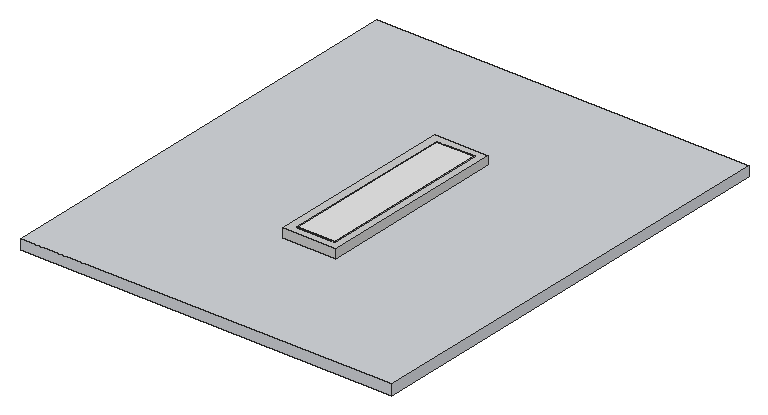
Revit family "Zumtobel CLEAN II", category Lighting Fixtures, host Face, Revit 2018
Family settings
  Host = Face
  Round Connector Dimension = Use Diameter
  Part Type = Normal
  OmniClass Number = 23.80.70.11
  OmniClass Title = Luminaries for Internal Lighting
  Cut with Voids When Loaded = No
  Light Source = Yes
  Shared = No
  Room Calculation Point = No
Parameters (values of type "CL2 S 8000-940 L1250 SG MP LDO")
  Width = 349.00 mm
  Wattage = 83.3333 W
  built-in parameter 1150110 = 1 (stored number, unit not read)
  Voltage = 230 V
  URL = "http://www.zumtobel.com/42186915"
  Type Comments = "© Zumtobel. We reserve the right to make technical changes without prior notice."  # constant formula
  built-in parameter 1114217 = 1 (stored number, unit not read)
  Top Offset = if(Recessed, 0.00 mm, Height)  # 57.00 mm
  Tilt Angle = 90.00°
  built-in parameter 1150109 = 1 (stored number, unit not read)
  built-in parameter 1150134 = 12
  Surface Mount = yes
  built-in parameter 1150113 = 1 (stored number, unit not read)
  Recessed = not(Surface Mount)  # no
  Photometric Web File = "42186915_(STD_LEO).IES"
  Offset = if(Recessed, 0.00 mm, 200.00 mm)  # 200.00 mm
  Model = "42186915"
  Manufacturer = "Zumtobel Lighting"  # constant formula
  built-in parameter 1150105 = 4057.6 (stored number, unit not read)
  Lumens = 8000 lm
  built-in parameter 1150115 = 1 (stored number, unit not read)
  built-in parameter 1150137 = (empty or 0)
  built-in parameter 1150139 = (empty or 0)
  Length = 1249.00 mm
  built-in parameter 1150112 = 1 (stored number, unit not read)
  built-in parameter 1150114 = 1 (stored number, unit not read)
  Lamp = "LED"
  built-in parameter 1150132 = 2
  built-in parameter 1150102 = (empty or 0)
  built-in parameter 1150107 = 4000 (stored number, unit not read)
  built-in parameter 1150138 = (empty or 0)
  built-in parameter 1150106 = 40.576 (stored number, unit not read)
  Height = 57.00 mm
  Emit from Rectangle Width = Length - 20.00 mm  # 1229.00 mm
  Emit from Rectangle Length = Width - 20.00 mm  # 329.00 mm
  Emit Shape Visible in Rendering = yes
  built-in parameter 1150104 = 8.9187 (stored number, unit not read)
  Dimming Lamp Color Temperature Shift = <None>
  Description = if(Surface Mount, "Surface mount luminaire", "Recessed Luminaire")  # "Surface mount luminaire"
  Cover = ZG_PMMA_Self_llumination_Opaque
  Color Filter = 16777215
  Body = ZGl_Metal_Aluminium
  built-in parameter 1114218 = 1 (stored number, unit not read)
  built-in parameter 1150133 = 10 (stored number, unit not read)
  Apparent Load = 79.9 VA
  Default Elevation = 0.00 mm
  Assembly Code = "D5020200"
Types (6, lengths in mm): name | Width | Wattage | URL | Top Offset | Surface Mount | Recessed | Photometric Web File | Offset | Model | built-in parameter 1150105 | Lumens | Length | built-in parameter 1150106 | Height | Emit from Rectangle Width | Emit from Rectangle Length | Description | Apparent Load
  CL2 I 4600-840 M600Q PM O LDO | 609.00 | 47.9167 W | "http://www.zumtobel.com/42186912" | 57.00 | yes | no | "42186912_(STD_LEO).IES" | 200.00 | "42186912" | 366.06 (stored number, unit not read) | 4600 lm | 609.00 | 3.6606 (stored number, unit not read) | 57.00 | 589.00 | 589.00 | "Surface mount luminaire" | 39.8 VA
  CL2 S 4600-940 Q610 SG MP LDO | 609.00 | 48.2292 W | "http://www.zumtobel.com/42186912" | 57.00 | yes | no | "42186880_(STD_LEO).IES" | 200.00 | "42186912" | 368.44 (stored number, unit not read) | 4630 lm | 609.00 | 3.6844 (stored number, unit not read) | 57.00 | 589.00 | 589.00 | "Surface mount luminaire" | 33.8 VA
  CL2 I 4600-840 M600L PM O LDO | 298.00 | 48.125 W | "http://www.zumtobel.com/42186884" | 0.00 | no | yes | "42186884_(STD_LEO).IES" | 0.00 | "42186884" | 1588.8 (stored number, unit not read) | 4620 lm | 1198.00 | 15.888 (stored number, unit not read) | 105.00 | 1178.00 | 278.00 | "Recessed Luminaire" | 35 VA
  CL2 S 6600-840 M625Q SG MP LDO | 623.00 | 68.125 W | "http://www.zumtobel.com/42186891" | 0.00 | no | yes | "42186891_(STD_LEO).IES" | 0.00 | "42186891" | 520.44 (stored number, unit not read) | 6540 lm | 623.00 | 5.2044 (stored number, unit not read) | 100.00 | 603.00 | 603.00 | "Recessed Luminaire" | 49.9 VA
  CL2 S 8000-940 L1250 SG MP LDO | 349.00 | 83.3333 W | "http://www.zumtobel.com/42186915" | 57.00 | yes | no | "42186915_(STD_LEO).IES" | 200.00 | "42186915" | 4057.6 (stored number, unit not read) | 8000 lm | 1249.00 | 40.576 (stored number, unit not read) | 57.00 | 1229.00 | 329.00 | "Surface mount luminaire" | 79.9 VA
  CL2 S 10000-940 L1550 SG MP LDO | 349.00 | 104.167 W | "http://www.zumtobel.com/42186916" | 57.00 | yes | no | "42186916_(STD_LEO).IES" | 200.00 | "42186916" | 5072 (stored number, unit not read) | 10000 lm | 1549.00 | 50.72 (stored number, unit not read) | 57.00 | 1529.00 | 329.00 | "Surface mount luminaire" | 96.2 VA
Reference planes
  plane 1 "Top": z = 0
  plane 2 "Center (Left/Right)": x = 0
  plane 3 "Center (Front/Back)": y = -11.001
  plane 4 "Back": y = 613.499
  plane 5 "Front": y = -635.501
  plane 6: x = -174.5
  plane 7 "Back Cover": z = -100
  plane 8: z = 5
  plane 9: x = 174.5
  plane 10: x = -164.5
  plane 11 "Bottom": z = -75
  plane 12: x = -124.5
  plane 13: x = 124.5
  plane 14: y = 563.499
  plane 15: y = -585.501
  plane 16 "Surface Mount Top": z = 0
  plane 17 "Surface Mount Bottom": z = -80
  plane 18 "Light Shape": z = 0
  plane 19: y = 603.499
  plane 20: x = 164.5
  plane 21: y = -625.501
  plane 22: z = 2.5
  plane 23: z = 200
  plane 24: z = 100
  plane 25: z = 57
Forms (mm)
  Extrusion 1, solid
    sketch origin (0, 0, 0) x (1, 0, 0) y (0, 1, 0)
      loop
        line (-1219.2, 1439.2) -> (-1219.2, -1480.8) -> (1219.2, -1480.8) -> (1219.2, 1439.2) -> (-1219.2, 1439.2)
    from 0 to -66.193
  Sweep 2, solid, material "ZGl_Metal_Aluminium" <- "Body", visible <- "Recessed", detail levels medium+fine
    path origin (0, 0, 0) x (1, 0, 0) y (0, 1, 0)
      loop
        line (-174.5, 613.499) -> (-174.5, -635.501) -> (174.5, -635.501) -> (174.5, 613.499) -> (-174.5, 613.499)
    profile "Profile_Clean_II : Profile_Clean_II" origin (-174.5, -11.001, 0) x (1, 0, 0) y (0, 0, 1)
      loop
        line (20, 0) -> (24.307, -5.315) -> (28.943, -5.315) -> (28.943, -8.316) -> (17.853, -27.524) -> (42.943, -27.524) -> (42.943, -75) -> (50, -75) -> (50, 2.5) -> (10, 2.5) -> (10, 5) -> (0, 5) -> (0, 0) -> (20, 0)
  Extrusion 3, void
    sketch origin (0, 0, 0) x (1, 0, 0) y (0, 1, 0)
      loop
        line (-164.5, 603.499) -> (-164.5, -625.501) -> (164.5, -625.501) -> (164.5, 603.499) -> (-164.5, 603.499)
    from 100 to 200
  Extrusion 4, solid, material "ZGl_Metal_Aluminium" <- "Body", visible <- "Recessed", detail levels medium+fine
    sketch origin (0, 0, 0) x (1, 0, 0) y (0, 1, 0)
      loop
        line (-124.5, 563.499) -> (-124.5, -585.501) -> (124.5, -585.501) -> (124.5, 563.499) -> (-124.5, 563.499)
    from 0 to 2.5
  Extrusion 5, solid, material "ZGl_Metal_Aluminium" <- "Body", visible <- "Recessed", detail levels medium+fine
    sketch origin (0, 0, -75) x (-1, 0, 0) y (0, -1, 0)
      loop
        line (124.5, -563.499) -> (124.5, 585.501) -> (-124.5, 585.501) -> (-124.5, -563.499) -> (124.5, -563.499)
    from 0 to 5
  Extrusion 6, solid, material "ZGl_Metal_Aluminium" <- "Body", visible <- "Surface Mount"
    sketch origin (0, 0, 0) x (1, 0, 0) y (0, 1, 0)
      loop
        line (-174.5, 613.499) -> (-174.5, -635.501) -> (174.5, -635.501) -> (174.5, 613.499) -> (-174.5, 613.499)
      loop
        line (124.5, 563.499) -> (-124.5, 563.499) -> (-124.5, -585.501) -> (124.5, -585.501) -> (124.5, 563.499)
    from 0 to 57
  Extrusion 7, solid, material "ZGl_Metal_Aluminium" <- "Body", visible <- "Surface Mount"
    sketch origin (0, 0, 0) x (1, 0, 0) y (0, 1, 0)
      loop
        line (124.5, 563.499) -> (-124.5, 563.499) -> (-124.5, -585.501) -> (124.5, -585.501) -> (124.5, 563.499)
    from 0 to 57
Cuts and joins
  joined: Sweep 2, Extrusion 4, Extrusion 5
Lines and regions (mm)
  symbolic lines, style "Zumtobel Lighting", detail levels coarse
    curve 1: line (-174.5, 613.499, 0) -> (174.5, 613.499, 0)
    curve 2: line (-174.5, -635.501, 0) -> (174.5, -635.501, 0)
    curve 3: line (174.5, 613.499, 0) -> (174.5, -635.501, 0)
    curve 4: line (-174.5, 613.499, 0) -> (-174.5, -635.501, 0)
Dimensions and locks
  equal spacing: plane 4 "Back", plane 3 "Center (Front/Back)", plane 5 "Front"
  "Length": plane 4 "Back" to plane 5 "Front"
  equal spacing: plane 6, plane 2 "Center (Left/Right)", plane 9
  "Width": plane 6 to plane 9
  plane 6 to plane 10 to plane 12 = 10.00 mm locked, 40.00 mm locked
  plane 13 to plane 20 to plane 9 = 40.00 mm locked, 10.00 mm locked
  plane 5 "Front" to plane 21 to plane 15 = 10.00 mm locked, 40.00 mm locked
  plane 4 "Back" to plane 19 to plane 14 = 10.00 mm locked, 40.00 mm locked
  plane 8 to plane 22 to plane 1 "Top" = 2.50 mm locked, 2.50 mm locked
  locked: plane 23 to plane 24 at 100
  "Offset": plane 23 to plane 1 "Top"
  "Top Offset": plane 25 to plane 1 "Top"
  aligned and locked: plane 1 "Top" to Extrusion 1
  aligned and locked: level to Extrusion 1
  aligned: imposter light to plane 2 "Center (Left/Right)"
  aligned: imposter light to plane 3 "Center (Front/Back)"
  aligned and locked: curve 1 to plane 4 "Back"
  aligned and locked: plane 5 "Front" to curve 2
  aligned and locked: plane 10 to Extrusion 3 sketch curve
  aligned: plane 8 to Extrusion 3
  aligned and locked: Sweep 2 sketch curve to plane 4 "Back"
  aligned and locked: Sweep 2 sketch curve to plane 6
  aligned and locked: plane 9 to Sweep 2 sketch curve
  aligned and locked: plane 5 "Front" to Sweep 2 sketch curve
  aligned and locked: plane 21 to Extrusion 3 sketch curve
  aligned and locked: plane 20 to Extrusion 3 sketch curve
  aligned and locked: plane 19 to Extrusion 3 sketch curve
  aligned and locked: plane 12 to Extrusion 4 sketch curve
  aligned and locked: plane 14 to Extrusion 4 sketch curve
  aligned and locked: plane 13 to Extrusion 4 sketch curve
  aligned and locked: plane 15 to Extrusion 4 sketch curve
  aligned and locked: plane 22 to Extrusion 4
  aligned and locked: plane 14 to Extrusion 5 sketch curve
  aligned and locked: plane 12 to Extrusion 5 sketch curve
  aligned and locked: plane 15 to Extrusion 5 sketch curve
  aligned and locked: plane 13 to Extrusion 5 sketch curve
  aligned and locked: curve 2 to curve 3
  aligned and locked: plane 23 to Extrusion 3
  aligned and locked: Extrusion 3 to plane 24
  aligned and locked: plane 9 to Extrusion 6 sketch curve
  aligned and locked: Extrusion 6 sketch curve to plane 5 "Front"
  aligned and locked: plane 6 to Extrusion 6 sketch curve
  aligned and locked: Extrusion 6 sketch curve to plane 4 "Back"
  aligned and locked: imposter light to plane 25
  aligned and locked: Extrusion 6 sketch curve to plane 14
  aligned and locked: plane 13 to Extrusion 6 sketch curve
  aligned and locked: plane 15 to Extrusion 6 sketch curve
  aligned and locked: Extrusion 6 sketch curve to plane 12
  aligned and locked: Extrusion 7 sketch curve to plane 14
  aligned and locked: plane 13 to Extrusion 7 sketch curve
  aligned and locked: plane 15 to Extrusion 7 sketch curve
  aligned and locked: Extrusion 7 sketch curve to plane 12
Automatic sketch dimensions
  curve 4 to plane 6 = 0.00 mm
  curve 3 to plane 9 = 0.00 mm
  Extrusion 1 sketch curve to Extrusion 1 sketch curve = 2438.40 mm
  Extrusion 1 sketch curve to Extrusion 1 sketch curve = 2920.00 mm
Connectors
  electrical at (0, -11.001, -75), driven by "Voltage", driven by "Apparent Load"
    settings: on cut or joined group of Sweep 2, Extrusion 4, Extrusion 5, index 1, voltage 230 V, apparent load 0 VA, apparent load phase1 79.9 VA, apparent load phase2 0 VA, apparent load phase3 0 VA, power factor 1, load classification "Lighting", number of poles 1, system type 31, power factor state 1, is connector primary yes, connector utility no, sub classification motor no, connector description "Power"
